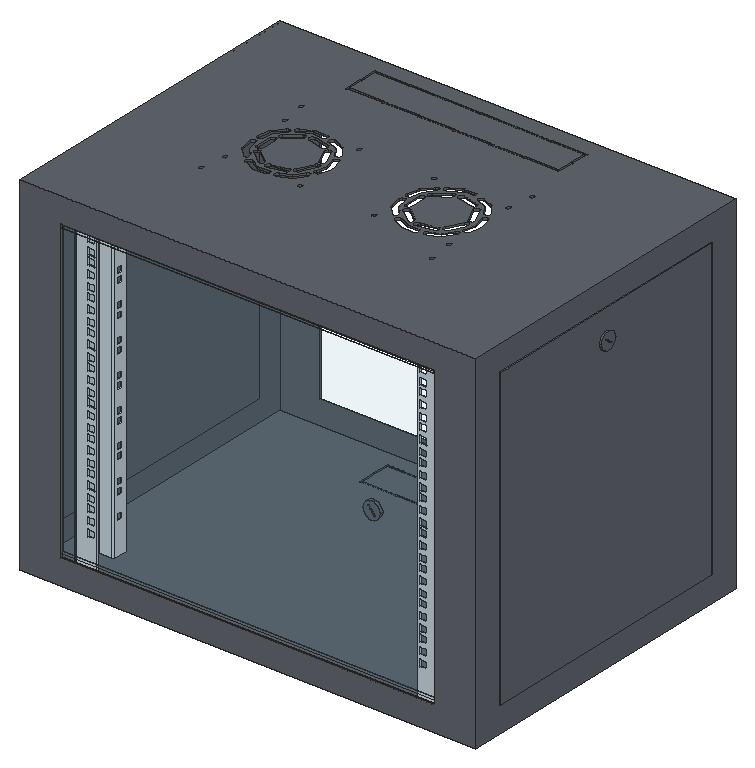
Revit family "Legrand Linkeo coffrets pivotants avec panneaux latéraux amovibles", category Equipement spécialisé, Revit 2020 (continued)
Automatic sketch dimensions
  radius of Extrusion 55 sketch curve = 12.00 mm
  radius of Extrusion 57 sketch curve = 12.00 mm
  radius of Extrusion 59 sketch curve = 12.00 mm
  radius of Extrusion 61 sketch curve = 12.00 mm
  radius of Extrusion 5 sketch curve = 2.75 mm  (x12)
  radius of Extrusion 63 sketch curve = 2.75 mm  (x12)
Types (5, lengths in mm): name | Référence Legrand | Passage utile en hauteur (mm) | Nombre d'unités en hauteur | Lien e-catalogue | Libellé BIM | Hauteur (mm) | EAN | Capacité de charge max | Capacité
  Coffret pivotant Legrand Linkeo 9U W600 D610 646221.rfa | "646221" | 422.00 | 9 | "https://www.legrand.fr/reference/646221/pro" | "Coffret pivotant Legrand Linkeo 9U W600 D610 646221.rfa" | 492.00 | "3414970967893" | "27" | 9
  Coffret pivotant Legrand Linkeo 12U W600 D610 646222.rfa | "646222" | 555.00 | 12 | "https://www.legrand.fr/reference/646222/pro" | "Coffret pivotant Legrand Linkeo 12U W600 D610 646222.rfa" | 625.00 | "3414970967909" | "36" | 12
  Coffret pivotant Legrand Linkeo 15U W600 D610 646223.rfa | "646223" | 688.00 | 15 | "https://www.legrand.fr/reference/646223/pro" | "Coffret pivotant Legrand Linkeo 15U W600 D610 646223.rfa" | 759.00 | "3414970967916" | "45" | 15
  Coffret pivotant Legrand Linkeo 18U W600 D610 646224.rfa | "646224" | 821.00 | 18 | "https://www.legrand.fr/reference/646224/pro" | "Coffret pivotant Legrand Linkeo 18U W600 D610 646224.rfa" | 892.00 | "3414970967923" | "54" | 18
  Coffret pivotant Legrand Linkeo 21U W600 D610 646225.rfa | "646225" | 955.00 | 21 | "https://www.legrand.fr/reference/646225/pro" | "Coffret pivotant Legrand Linkeo 21U W600 D610 646225.rfa" | 1025.00 | "3414970967930" | "63" | 21
